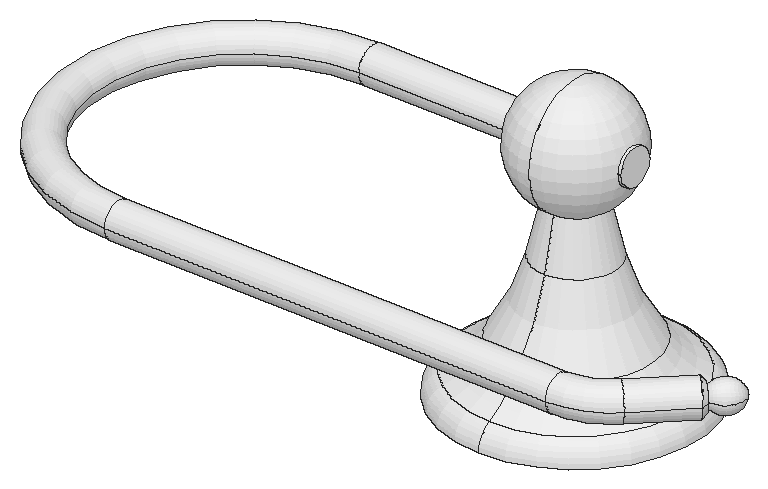
Revit family "Toilet Roll Holder-Single-Stylus Cadet", category Specialty Equipment, host Face, Revit 2013
Parameters (values of type "Standard")
  URL = "http://www.stylus.com.au/"
  Type Comments = "Stylus Cadet Toilet Roll Holder"  # constant formula
  ModifiedIssue_ANZRS = 2013.1  # constant formula
  Model = "632283C"  # constant formula
  Material_ANZRS = Metal-Chrome-Caroma
  Manufacturer = "GWA Bathrooms & Kitchens"  # constant formula
  Length_ANZRS = 167 mm  # constant formula
  Description = ""
  Default Elevation = 500 mm
  CreatedBy_ANZRS = "Design Content"  # constant formula
  CreatedByURL_ANZRS = "www.designcontent.com.au"
  Cost = 0
  Assembly Code = "C1030200"
Reference planes
  plane 1 "Center (Elevation)": y = 0
  plane 2 "Back": z = 0
  plane 3 "Center (Left/Right)": x = 0
  plane 4 "Top": y = 27.5
  plane 5 "Left": x = -86
  plane 6 "Right": x = 81
  plane 7 "Bottom": y = -76
  plane 8 "Front": z = 64
Forms (mm)
  Sweep 1, solid, material "Metal-Chrome-Caroma" <- "Material_ANZRS"
    path origin (0, 0, 0) x (1, 0, 0) y (0, 1, 0)
      loop
        line (13.5, 0) -> (-46, 0)
        arc (-46, 0) -> (-82, -36) -> (-46, -72) r 36
        line (-46, -72) -> (53.959, -72)
        arc (53.959, -72) -> (59.699, -70.858) -> (64.565, -67.607) r 15
        line (64.565, -67.607) -> (74.465, -57.707)
    profile origin (-16.25, 0, 0) x (0, -1, 0) y (0, 0, 1)
      loop
        circle (0, 50.75) r 4
  Revolve 2, solid, material "Metal-Chrome-Caroma" <- "Material_ANZRS"
    sketch origin (133.612, 10.017, 50.75) x (1, 0, 0) y (0, 1, 0)
      loop
        line (-59.147, -67.724) -> (-53.137, -61.713)
        spline (-53.137, -61.713) -> (-53.729, -61.255) -> (-54.428, -60.954) -> (-55.201, -60.822) -> (-56.01, -60.868) -> (-56.818, -61.087) -> (-57.587, -61.471) -> (-58.279, -62.002) -> (-58.863, -62.652) -> (-59.31, -63.393) -> (-59.6, -64.19) -> (-59.719, -65.003) -> (-59.661, -65.796)
        line (-59.661, -65.796) -> (-60.491, -64.966) -> (-61.976, -64.895) -> (-59.147, -67.724)
      axis (-59.147, -67.724) -> (-53.137, -61.713)
    angle from 0 to 360
  Revolve 3, solid, material "Metal-Chrome-Caroma" <- "Material_ANZRS"
    sketch origin (0, 0, 0) x (0, 1, 0) y (0, 0, 1)
      loop
        line (0, 0) -> (27.5, 0)
        arc (27.5, 0) -> (26.732, 2.942) -> (24.494, 5) r 5.387
        arc (24.494, 5) -> (20.164, 7.84) -> (16.659, 11.651) r 21.062
        arc (16.659, 11.651) -> (12.026, 19.539) -> (8.87, 28.126) r 51.192
        arc (8.87, 28.126) -> (7.489, 33.587) -> (6.271, 39.087) r 188.778
        arc (6.271, 39.087) -> (12.845, 53.988) -> (0, 64) r 13.246
        line (0, 64) -> (0, 0)
      axis (0, 0) -> (0, 64)
    angle from 0 to 360
Cuts and joins
  joined: Sweep 1, Revolve 3
Dimensions and locks
  aligned and locked: plane 2 "Back" to host face
  aligned and locked: level to host face
